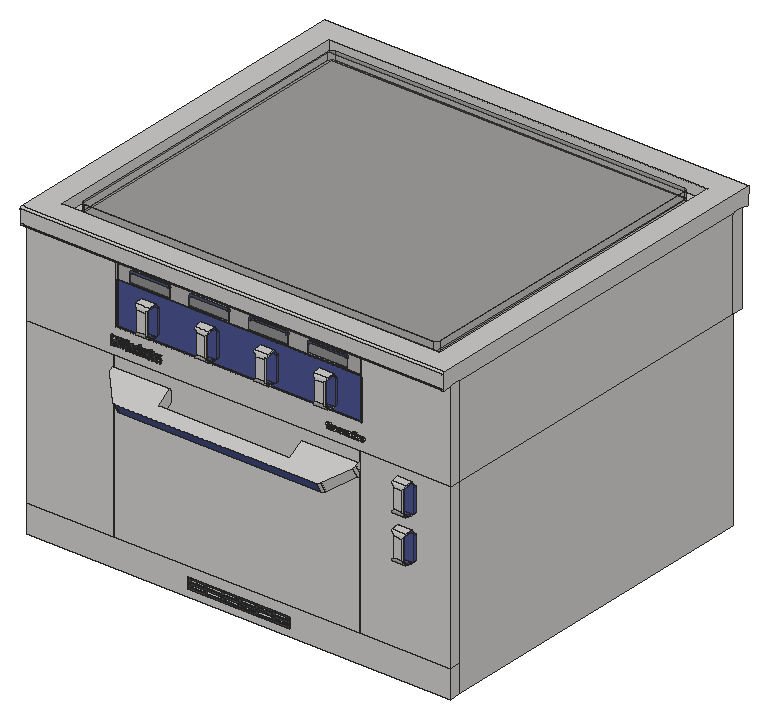
Revit family "QF_ELECTROLUXPROFESSIONAL_589665_MCIMEAJ8AO", category Attrezzature speciali, Revit 2020
Family settings
  Quota connettore circolare = Usa diametro
  Tipo di parte = Normale
  Basato su piano di lavoro = No
  Sempre verticale = Sì
  Taglio con vuoti quando caricato = No
  Condiviso = No
  Punto di calcolo locali = No
Parameters (values of type "Standard")
  Weight = 197.00 kg
  Watts = 25000 W
  Volts = 400 V
  URL Manufacturer = "https://www.electroluxprofessional.com/"
  URL = "https://www.electroluxprofessional.com/"
  Steam Supply Size = 0"
  Steam Supply Minimum Pressure = 0.00 psi
  Steam Supply Maximum Pressure = 0.00 psi
  Steam Consumption per Hour = 0
  Refrigeration Suction Line Size = 0 mm
  Refrigeration Liquid Line Size = 0 mm
  Refrigerant Compressor Remote = yes
  Prospetto di default = 0 mm
  Phase = 3
  Modello = "MCIMEAJ8AO"
  Produttore = "Electrolux Professional"
  Length Actual = 1000 mm  # constant formula
  Item Number = "589665"
  Hot Water Size = 0"
  Height Actual = 700 mm  # constant formula
  HP = "33.5 HP"
  Gas Size = 0"
  Gas KW = 0
  Gas Input Pressure = 0.0 Btu/h
  Direct Waste Size = 0"
  Descrizione = "INDUCTION,4Z,ST.OVEN,1S,1000X900X700H"
  Depth Actual = 900 mm  # constant formula
  Cycle = 50 Hz
  Condensate Return Size = 0"
  Compressed Air Volume = 0 GPM
  Compressed Air Size = 0"
  Compressed Air Pressure = 0.00 psi
  Cold Water Size = 0"
  Accessory = yes
Reference planes
  plane 1 "BACK": y = 0
  plane 2: z = 0
  plane 3 "LEFT": x = -100
  plane 4 "RIGHT": x = 900
  plane 5 "FRONT": y = -900
  plane 6 "TOP": z = 900
  plane 7 "Center (Left/Right)": x = 400
  plane 8: y = -450
  plane 9: z = 200
  plane 10: y = -150
  plane 11 "Panel": y = -855
  plane 12: z = 798
  plane 13: z = 1327
  plane 14: x = -22
  plane 15: x = 822
  plane 16: y = -150
  plane 17: y = -650
  plane 18 "EIx": x = 855
  plane 19 "EIy": y = -685
  plane 20: y = -880
Forms (mm)
  Extrusion 1, solid, material "QF_Finishes_Stainless Steel"
    sketch origin (-178.969, -4572, 200) x (-1, 0, 0) y (0, -1, 0)
      loop
        line (-78.969, -4527) -> (-78.969, -3717) -> (-1078.969, -3717) -> (-1078.969, -4527) -> (-78.969, -4527)
    from 450 to 663
  Extrusion 2, solid, material "QF_Finishes_Stainless Steel"
    sketch origin (-100, 0, 0) x (0, 1, 0) y (0, 0, 1)
      loop
        line (-855, 200) -> (-855, 265) -> (-880, 265) -> (-880, 200) -> (-855, 200)
    from 0 to 1000
  Extrusion 3, solid, material "QF_Finishes_Stainless Steel"
    sketch origin (-488.969, -4662, 200) x (-1, 0, 0) y (0, -1, 0)
      loop
        circle (-1343.969, -3977) r 6.35
    from 0 to -11.851
  Extrusion 4, solid, material "QF_Finishes_Stainless Steel"
    sketch origin (400, 296.4, 1219.2) x (0, 1, 0) y (0, 0, 1)
      loop
        line (-296.4, -319.2) -> (-1191.4, -319.2)
        arc (-1191.4, -319.2) -> (-1194.935, -320.664) -> (-1196.4, -324.2) r 5
        line (-1196.4, -324.2) -> (-1196.4, -355.2)
        arc (-1196.4, -355.2) -> (-1194.971, -358.264) -> (-1191.705, -359.139) r 4
        line (-1191.705, -359.139) -> (-1176.4, -356.231) -> (-316.4, -356.231) -> (-301.094, -359.139)
        arc (-301.094, -359.139) -> (-297.829, -358.264) -> (-296.4, -355.2) r 4
        line (-296.4, -355.2) -> (-296.4, -319.2)
    from -500 to 500
  Extrusion 5, solid, material "QF_Finishes_Electrolux_Black Smoke Iluminated"
    sketch origin (0, 0, 900) x (-1, 0, 0) y (0, -1, 0)
      loop
        arc (12, 79) -> (19.071, 81.929) -> (22, 89) r 10
        line (22, 89) -> (22, 810)
        arc (22, 810) -> (19.071, 817.071) -> (12, 820) r 10
        line (12, 820) -> (-812, 820)
        arc (-812, 820) -> (-819.071, 817.071) -> (-822, 810) r 10
        line (-822, 810) -> (-822, 89)
        arc (-822, 89) -> (-819.071, 81.929) -> (-812, 79) r 10
        line (-812, 79) -> (12, 79)
    from 0 to -20
  Extrusion 6, solid, material "QF_Finishes_Stainless Steel"
    sketch origin (-178.969, -4572, 200) x (-1, 0, 0) y (0, -1, 0)
      loop
        line (-78.969, -4527) -> (-78.969, -3717) -> (-1078.969, -3717) -> (-1078.969, -4527) -> (-78.969, -4527)
    from 450 to 0
  Extrusion 7, void
    sketch origin (0, -855, 0) x (-1, 0, 0) y (0, 0, 1)
      loop
        line (-520, 216.594) -> (-280, 216.594) -> (-280, 241.594) -> (-520, 241.594) -> (-520, 216.594)
    from 0 to -25
  Extrusion 8, solid, material "QF_Finishes_Black"
    sketch origin (0, -855, 0) x (-1, 0, 0) y (0, 0, 1)
      loop
        line (-280, 241.594) -> (-520, 241.594) -> (-520, 216.594) -> (-280, 216.594) -> (-280, 241.594)
      loop
        line (-282, 239.594) -> (-319.131, 239.594) -> (-319.131, 230.094) -> (-282, 230.094) -> (-282, 239.594)
      loop
        line (-282, 218.594) -> (-282, 228.094) -> (-319.131, 228.094) -> (-319.131, 218.594) -> (-282, 218.594)
      loop
        line (-321.131, 239.594) -> (-359.066, 239.594) -> (-359.066, 230.094) -> (-321.131, 230.094) -> (-321.131, 239.594)
      loop
        line (-399, 239.594) -> (-399, 230.094) -> (-361.066, 230.094) -> (-361.066, 239.594) -> (-399, 239.594)
      loop
        line (-401, 239.594) -> (-438.934, 239.594) -> (-438.934, 230.094) -> (-401, 230.094) -> (-401, 239.594)
      loop
        line (-359.066, 218.594) -> (-321.131, 218.594) -> (-321.131, 228.094) -> (-359.066, 228.094) -> (-359.066, 218.594)
      loop
        line (-361.066, 218.594) -> (-361.066, 228.094) -> (-399, 228.094) -> (-399, 218.594) -> (-361.066, 218.594)
      loop
        line (-401, 228.094) -> (-438.934, 228.094) -> (-438.934, 218.594) -> (-401, 218.594) -> (-401, 228.094)
      loop
        line (-518, 239.594) -> (-518, 230.094) -> (-480.869, 230.094) -> (-480.869, 239.594) -> (-518, 239.594)
      loop
        line (-518, 218.594) -> (-480.869, 218.594) -> (-480.869, 228.094) -> (-518, 228.094) -> (-518, 218.594)
      loop
        line (-478.869, 239.594) -> (-478.869, 230.094) -> (-440.934, 230.094) -> (-440.934, 239.594) -> (-478.869, 239.594)
      loop
        line (-440.934, 218.594) -> (-440.934, 228.094) -> (-478.869, 228.094) -> (-478.869, 218.594) -> (-440.934, 218.594)
    from -25.03 to -20
  Extrusion 9, void
    sketch origin (0, 0, 900) x (-1, 0, 0) y (0, -1, 0)
      loop
        line (47, 845) -> (-847, 845) -> (-847, 54) -> (47, 54) -> (47, 845)
    from 0 to -25
  Extrusion 10, solid, material "QF_Finishes_Stainless Steel"
    sketch origin (0, 0, 900) x (-1, 0, 0) y (0, -1, 0)
      loop
        line (18, 83) -> (18, 816) -> (-818, 816) -> (-818, 83) -> (18, 83)
    from -20 to -25
  Extrusion 11, solid, material "QF_Finishes_Stainless Steel"
    sketch origin (400, 296.4, 1219.169) x (0, 1, 0) y (0, 0, 1)
      loop
        line (-341.4, -356.2) -> (-341.4, -569.2) -> (-316.4, -569.2) -> (-316.4, -356.2) -> (-341.4, -356.2)
    from -500 to 500
Cuts and joins
  Extrusion 7 cuts Extrusion 6
  Extrusion 7 cuts Extrusion 2
  Extrusion 9 cuts Extrusion 4
Lines and regions (mm)
  symbolic lines
    curve 1: line (-100, 0, 200) -> (900, 0, 200)
    curve 2: line (-100, -900, 200) -> (-100, 0, 200)
    curve 3: line (900, -900, 200) -> (-100, -900, 200)
    curve 4: line (900, 0, 200) -> (900, -900, 200)
    curve 5: line (812, -79, 200) -> (-12, -79, 200)
    curve 6: line (-22, -89, 200) -> (-22, -810, 200)
    curve 7: line (-12, -820, 200) -> (812, -820, 200)
    curve 8: line (822, -810, 200) -> (822, -89, 200)
    curve 9: arc (-12, -79, 200) -> (-19.071, -81.929, 200) -> (-22, -89, 200) r 10
    curve 10: arc (822, -89, 200) -> (819.071, -81.929, 200) -> (812, -79, 200) r 10
    curve 11: arc (812, -820, 200) -> (819.071, -817.071, 200) -> (822, -810, 200) r 10
    curve 12: arc (-22, -810, 200) -> (-19.071, -817.071, 200) -> (-12, -820, 200) r 10
    curve 13: line (847, -54, 900) -> (-47, -54, 900)
    curve 14: line (-47, -54, 900) -> (-47, -845, 900)
    curve 15: line (847, -845, 900) -> (847, -54, 900)
    curve 16: line (-47, -845, 900) -> (847, -845, 900)
  model lines
    curve 17: line (64.474, -422.012, 900) -> (46.796, -404.335, 900)
    curve 18: line (46.796, -404.335, 900) -> (46.796, -169.335, 900)
    curve 19: line (46.796, -169.335, 900) -> (64.474, -151.657, 900)
    curve 20: line (183.85, -245.603, 900) -> (183.85, -325.603, 900)
    curve 21: line (143.85, -285.603, 900) -> (223.85, -285.603, 900)
    curve 22: line (303.226, -422.012, 900) -> (320.903, -404.335, 900)
    curve 23: line (320.903, -404.335, 900) -> (320.903, -169.335, 900)
    curve 24: line (320.903, -169.335, 900) -> (303.226, -151.657, 900)
    curve 25: line (494.474, -422.012, 900) -> (476.796, -404.335, 900)
    curve 26: line (476.796, -404.335, 900) -> (476.796, -169.335, 900)
    curve 27: line (476.796, -169.335, 900) -> (494.474, -151.657, 900)
    curve 28: line (613.85, -245.603, 900) -> (613.85, -325.603, 900)
    curve 29: line (573.85, -285.603, 900) -> (653.85, -285.603, 900)
    curve 30: line (733.226, -422.012, 900) -> (750.903, -404.335, 900)
    curve 31: line (750.903, -404.335, 900) -> (750.903, -169.335, 900)
    curve 32: line (750.903, -169.335, 900) -> (733.226, -151.657, 900)
    curve 33: line (64.474, -477.988, 900) -> (46.796, -495.665, 900)
    curve 34: line (46.796, -495.665, 900) -> (46.796, -730.665, 900)
    curve 35: line (46.796, -730.665, 900) -> (64.474, -748.343, 900)
    curve 36: line (183.85, -654.397, 900) -> (183.85, -574.397, 900)
    curve 37: line (143.85, -614.397, 900) -> (223.85, -614.397, 900)
    curve 38: line (303.226, -477.988, 900) -> (320.903, -495.665, 900)
    curve 39: line (320.903, -495.665, 900) -> (320.903, -730.665, 900)
    curve 40: line (320.903, -730.665, 900) -> (303.226, -748.343, 900)
    curve 41: line (494.474, -477.988, 900) -> (476.796, -495.665, 900)
    curve 42: line (476.796, -495.665, 900) -> (476.796, -730.665, 900)
    curve 43: line (476.796, -730.665, 900) -> (494.474, -748.343, 900)
    curve 44: line (613.85, -654.397, 900) -> (613.85, -574.397, 900)
    curve 45: line (573.85, -614.397, 900) -> (653.85, -614.397, 900)
    curve 46: line (733.226, -477.988, 900) -> (750.903, -495.665, 900)
    curve 47: line (750.903, -495.665, 900) -> (750.903, -730.665, 900)
    curve 48: line (750.903, -730.665, 900) -> (733.226, -748.343, 900)
    curve 49: line (-7.896, -110.891, 900) -> (13.317, -89.677, 900)
    curve 50: line (13.317, -89.677, 900) -> (786.683, -89.677, 900)
    curve 51: line (807.896, -110.891, 900) -> (786.683, -89.677, 900)
    curve 52: line (-7.896, -789.109, 900) -> (13.317, -810.323, 900)
    curve 53: line (13.317, -810.323, 900) -> (786.683, -810.323, 900)
    curve 54: line (807.896, -789.109, 900) -> (786.683, -810.323, 900)
Dimensions and locks
  plane 3 "LEFT" to plane 4 "RIGHT" = 1000 mm
  plane 5 "FRONT" to plane 1 "BACK" = 900 mm
  plane 3 "LEFT" to plane 7 "Center (Left/Right)" to plane 4 "RIGHT" = 500 mm, 500 mm
  equal spacing: plane 5 "FRONT", plane 8, plane 1 "BACK"
  plane 6 "TOP" to level = 900 mm  (x2)
  plane 9 to level = 200 mm
  plane 1 "BACK" to plane 10 to plane 11 "Panel" = 150 mm, 705 mm  (x2)
  plane 6 "TOP" to plane 9 to level = 700 mm, 200 mm
  plane 1 "BACK" to plane 5 "FRONT" = 900 mm
  plane 1 "BACK" to Extrusion 3 = 685 mm
  plane 12 to plane 9 = 598 mm
  plane 13 to plane 6 "TOP" = 427 mm
  plane 6 "TOP" to plane 12 = 102 mm
  plane 14 to plane 3 "LEFT" = 78 mm
  plane 15 to plane 4 "RIGHT" = 78 mm
  locked: plane 1 "BACK" to plane 16 at 150
  locked: plane 16 to plane 17 at 500
  plane 11 "Panel" to plane 5 "FRONT" = 45 mm
  plane 18 "EIx" to plane 4 "RIGHT" = 45 mm
  plane 19 "EIy" to plane 1 "BACK" = 685 mm
  locked: plane 11 "Panel" to plane 20 at 25
  aligned and locked: level to plane 2
  aligned and locked: Extrusion 2 to plane 4 "RIGHT"
  aligned and locked: cut or joined group of Extrusion 4, Extrusion 9 to plane 3 "LEFT"
  aligned and locked: cut or joined group of Extrusion 4, Extrusion 9 to plane 4 "RIGHT"
  aligned and locked: cut or joined group of Extrusion 6, Extrusion 7 to plane 4 "RIGHT"
  aligned and locked: cut or joined group of Extrusion 6, Extrusion 7 to plane 3 "LEFT"
  aligned and locked: nested 1 to plane 11 "Panel"
  aligned and locked: nested 4 to plane 11 "Panel"
  aligned and locked: Extrusion 1 to plane 11 "Panel"
  aligned and locked: plane 11 "Panel" to cut or joined group of Extrusion 2, Extrusion 7
  aligned and locked: nested 2 to plane 20
  aligned and locked: nested 3 to plane 20
  aligned and locked: Extrusion 11 to plane 4 "RIGHT"
  aligned and locked: Extrusion 1 to plane 3 "LEFT"
  aligned and locked: Extrusion 11 to plane 3 "LEFT"
  aligned and locked: Extrusion 1 to plane 4 "RIGHT"
  aligned and locked: plane 3 "LEFT" to nested 1
Automatic sketch dimensions
  Extrusion 3 sketch curve to plane 18 "EIx" = 0 mm
  Extrusion 3 sketch curve to plane 19 "EIy" = 0 mm
  Extrusion 4 sketch curve to plane 5 "FRONT" = 0 mm
  Extrusion 4 sketch curve to plane 6 "TOP" = 0 mm
  Extrusion 4 sketch curve to plane 20 = 0 mm
  Extrusion 4 sketch curve to plane 1 "BACK" = 0 mm
  Extrusion 4 sketch curve to Extrusion 4 sketch curve = 4 mm
  Extrusion 4 sketch curve to Extrusion 4 sketch curve = 0.695 mm
  Extrusion 4 sketch curve to plane 5 "FRONT" = 5 mm
  plane 1 "BACK" to Extrusion 4 sketch curve = 20 mm
  plane 1 "BACK" to Extrusion 4 sketch curve = 4.695 mm
  plane 1 "BACK" to Extrusion 4 sketch curve = 4 mm
  Extrusion 4 sketch curve to Extrusion 4 sketch curve = 31 mm
  Extrusion 4 sketch curve to Extrusion 4 sketch curve = 36 mm
  Extrusion 4 sketch curve to Extrusion 4 sketch curve = 2.909 mm
  plane 1 "BACK" to Extrusion 11 sketch curve = 45 mm
  plane 1 "BACK" to Extrusion 11 sketch curve = 20 mm
  Extrusion 11 sketch curve to plane 12 = 148.031 mm
  Extrusion 11 sketch curve to plane 6 "TOP" = 37.031 mm
  Extrusion 1 sketch curve to plane 4 "RIGHT" = 0 mm
  Extrusion 1 sketch curve to plane 3 "LEFT" = 0 mm
  Extrusion 1 sketch curve to plane 11 "Panel" = 0 mm
  plane 1 "BACK" to Extrusion 1 sketch curve = 45 mm
  Extrusion 2 sketch curve to plane 9 = 0 mm
  Extrusion 2 sketch curve to plane 20 = 0 mm
  Extrusion 2 sketch curve to plane 11 "Panel" = 0 mm
  plane 9 to Extrusion 2 sketch curve = 65 mm
  plane 1 "BACK" to curve 1 = 0 mm
  curve 1 to plane 4 "RIGHT" = 0 mm
  curve 8 to plane 15 = 0 mm
  curve 6 to plane 14 = 0 mm
  curve 2 to plane 3 "LEFT" = 0 mm
  plane 5 "FRONT" to curve 3 = 0 mm
  plane 15 to curve 5 = 10 mm
  plane 15 to curve 11 = 10 mm
  curve 5 to plane 14 = 10 mm
  curve 12 to curve 12 = 10 mm
  plane 10 to curve 5 = 71 mm
  plane 11 "Panel" to curve 11 = 45 mm
  Extrusion 5 sketch curve to plane 15 = 0 mm
  Extrusion 5 sketch curve to plane 14 = 0 mm
  plane 15 to Extrusion 5 sketch curve = 10 mm  (x2)
  Extrusion 5 sketch curve to Extrusion 5 sketch curve = 10 mm  (x2)
  plane 10 to Extrusion 5 sketch curve = 71 mm
  plane 11 "Panel" to Extrusion 5 sketch curve = 45 mm
  Extrusion 6 sketch curve to plane 4 "RIGHT" = 0 mm
  Extrusion 6 sketch curve to plane 3 "LEFT" = 0 mm
  Extrusion 6 sketch curve to plane 11 "Panel" = 0 mm
  plane 1 "BACK" to Extrusion 6 sketch curve = 45 mm
  plane 9 to Extrusion 7 sketch curve = 41.594 mm
  plane 7 "Center (Left/Right)" to Extrusion 7 sketch curve = 120 mm
  Extrusion 7 sketch curve to plane 7 "Center (Left/Right)" = 120 mm
  plane 9 to Extrusion 7 sketch curve = 16.594 mm
  plane 9 to Extrusion 8 sketch curve = 41.594 mm
  plane 7 "Center (Left/Right)" to Extrusion 8 sketch curve = 120 mm
  Extrusion 8 sketch curve to Extrusion 8 sketch curve = 2 mm  (x16)
  Extrusion 8 sketch curve to Extrusion 8 sketch curve = 0 mm  (x15)
  Extrusion 8 sketch curve to Extrusion 8 sketch curve = 37.131 mm  (x2)
  Extrusion 8 sketch curve to Extrusion 8 sketch curve = 37.934 mm  (x3)
  plane 7 "Center (Left/Right)" to Extrusion 8 sketch curve = 1 mm  (x2)
  Extrusion 8 sketch curve to plane 7 "Center (Left/Right)" = 1 mm  (x2)
  plane 9 to Extrusion 8 sketch curve = 18.594 mm  (x4)
  Extrusion 8 sketch curve to Extrusion 8 sketch curve = 9.5 mm  (x6)
  plane 18 "EIx" to Extrusion 9 sketch curve = 8 mm
  plane 14 to Extrusion 9 sketch curve = 25 mm
  plane 1 "BACK" to Extrusion 9 sketch curve = 54 mm
  plane 11 "Panel" to Extrusion 9 sketch curve = 10 mm
  plane 15 to Extrusion 10 sketch curve = 4 mm
  Extrusion 10 sketch curve to plane 14 = 4 mm
  plane 10 to Extrusion 10 sketch curve = 67 mm
  plane 11 "Panel" to Extrusion 10 sketch curve = 39 mm
  plane 18 "EIx" to curve 15 = 8 mm
  plane 15 to curve 51 = 35.317 mm
  plane 15 to curve 53 = 35.317 mm
  curve 32 to plane 10 = 19.335 mm
  plane 15 to curve 32 = 71.097 mm
  plane 15 to curve 48 = 71.097 mm
  plane 7 "Center (Left/Right)" to curve 26 = 76.796 mm
  plane 7 "Center (Left/Right)" to curve 42 = 76.796 mm
  curve 38 to plane 7 "Center (Left/Right)" = 79.097 mm
  curve 23 to plane 10 = 19.335 mm
  curve 23 to plane 7 "Center (Left/Right)" = 79.097 mm
  curve 35 to plane 14 = 68.796 mm
  curve 17 to plane 14 = 68.796 mm
  curve 50 to plane 14 = 35.317 mm
  curve 53 to plane 14 = 35.317 mm
  plane 14 to curve 14 = 25 mm
  plane 10 to curve 49 = 60.323 mm
  plane 1 "BACK" to curve 15 = 54 mm
  curve 18 to plane 10 = 19.335 mm
  curve 27 to plane 10 = 19.335 mm
  plane 8 to curve 18 = 45.665 mm
  plane 8 to curve 26 = 45.665 mm
  plane 8 to curve 23 = 45.665 mm
  plane 8 to curve 30 = 45.665 mm
  curve 34 to plane 8 = 45.665 mm
  curve 42 to plane 8 = 45.665 mm
  curve 38 to plane 8 = 45.665 mm
  curve 46 to plane 8 = 45.665 mm
  curve 42 to plane 19 "EIy" = 45.665 mm
  curve 39 to plane 19 "EIy" = 45.665 mm
  curve 34 to plane 19 "EIy" = 45.665 mm
  curve 48 to plane 19 "EIy" = 45.665 mm
  plane 11 "Panel" to curve 54 = 44.677 mm
  plane 11 "Panel" to curve 16 = 10 mm
  plane 15 to curve 51 = 14.104 mm
  plane 15 to curve 54 = 14.104 mm
  curve 32 to plane 10 = 1.657 mm
  curve 31 to curve 32 = 17.678 mm
  curve 46 to plane 8 = 27.988 mm
  curve 46 to curve 46 = 17.678 mm
  curve 47 to curve 48 = 17.678 mm  (x2)
  plane 8 to curve 30 = 27.988 mm
  curve 30 to curve 30 = 17.678 mm
  curve 45 to plane 17 = 35.603 mm
  curve 47 to curve 45 = 97.053 mm
  curve 31 to curve 29 = 97.053 mm
  curve 45 to curve 44 = 40 mm
  curve 29 to curve 28 = 40 mm  (x2)
  curve 28 to curve 29 = 40 mm  (x2)
  curve 44 to curve 45 = 40 mm  (x2)
  curve 43 to curve 42 = 17.678 mm
  curve 41 to plane 8 = 27.988 mm
  curve 41 to curve 41 = 17.678 mm
  curve 27 to plane 10 = 1.657 mm
  curve 27 to curve 26 = 17.678 mm
  plane 8 to curve 25 = 27.988 mm
  curve 25 to curve 25 = 17.678 mm
  curve 38 to plane 8 = 27.988 mm
  curve 38 to curve 38 = 17.678 mm
  curve 39 to curve 40 = 17.678 mm  (x2)
  plane 8 to curve 22 = 27.988 mm
  curve 22 to curve 22 = 17.678 mm
  curve 24 to plane 10 = 1.657 mm
  curve 23 to curve 24 = 17.678 mm
  curve 37 to plane 17 = 35.603 mm
  curve 39 to curve 37 = 97.053 mm
  curve 23 to curve 21 = 97.053 mm
  curve 21 to curve 20 = 40 mm  (x2)
  curve 37 to curve 36 = 40 mm
  curve 20 to curve 21 = 40 mm  (x2)
  curve 36 to curve 37 = 40 mm  (x2)
  plane 8 to curve 17 = 27.988 mm
  curve 17 to curve 17 = 17.678 mm
  curve 33 to plane 8 = 27.988 mm
  curve 33 to curve 33 = 17.678 mm
  curve 35 to curve 34 = 17.678 mm
  curve 19 to plane 10 = 1.657 mm
  curve 19 to curve 18 = 17.678 mm
  curve 49 to plane 14 = 14.104 mm
  curve 52 to plane 14 = 14.104 mm
  curve 50 to curve 51 = 21.213 mm
  curve 49 to curve 49 = 21.213 mm
  curve 20 to plane 10 = 95.603 mm
  curve 28 to plane 10 = 95.603 mm
  plane 17 to curve 36 = 4.397 mm
  plane 17 to curve 44 = 4.397 mm
  curve 42 to curve 43 = 17.678 mm
  curve 34 to curve 35 = 17.678 mm
  curve 54 to curve 54 = 21.213 mm
  curve 52 to curve 52 = 21.213 mm
  radius of Extrusion 3 sketch curve = 6.35 mm
Nested families
  nested 1: "Door_Panel_W1000_A" at (400, -855, 0), type "Door_Panel_W1000_A"
  nested 2: "FIT Range Control Handle" at (795, -883.137, -372.751), type "FIT Range Control Handle"
  nested 3: "FIT Range Control Handle" at (795, -883.137, -474.751), type "FIT Range Control Handle"
  nested 4: "Front_Panel_W1000_4 Knobs" at (102.376, -855, 0), type "Front_Panel_W1000_4 Knobs"
Connectors
  electrical at (855, -685, 188.149)
    settings: on Extrusion 3, index 1, voltage 400 V, apparent load 33000 VA, apparent load phase1 0 VA, apparent load phase2 0 VA, apparent load phase3 0 VA, power factor 1, load classification "Other", number of poles 1, system type 30, power factor state 1, is connector primary yes, connector utility no, sub classification motor no, connector description "ELECTRICAL CONNECTION"
Definition of nested family "Door_Panel_W1000_A"
  Parameters
    Default Elevation = 0 mm
  Reference planes
    plane 1 "Center (Front/Back)": y = 0
    plane 2 "Ref. Level": z = 0
    plane 3: x = 500
    plane 4: x = -500
    plane 5 "Center (Left/Right)": x = 0
    plane 6: x = -295
    plane 7: x = 285
    plane 8 "Manopola": through (-6096, -50.059, 612.389) normal (0, -0.515, 0.8572)
    plane 9 "Top": z = 650
    plane 10: z = 265
    plane 11: z = 200
  Forms (mm)
    Extrusion 1, solid
      sketch origin (0, 0, 0) x (0, 1, 0) y (0, 0, 1)
        loop
          line (-25.03, 650) -> (-25.03, 265) -> (0, 265) -> (0, 650) -> (-25.03, 650)
      from 285 to 500
    Extrusion 2, solid
      sketch origin (0, 0, 0) x (0, 1, 0) y (0, 0, 1)
        loop
          line (-25.03, 650) -> (-25.03, 265) -> (0, 265) -> (0, 650) -> (-25.03, 650)
      from -500 to -295
    Extrusion 3, solid
      sketch origin (0, 0, 0) x (0, 1, 0) y (0, 0, 1)
        loop
          line (-25.03, 650) -> (-25.03, 265) -> (0, 265) -> (0, 650) -> (-25.03, 650)
      from -295 to 285
    Extrusion 4, solid
      sketch origin (0, -283.633, 472.044) x (0, 0.857167, 0.515038) y (-1, 0, 0)
        loop
          line (299.12, -285) -> (299.12, 295) -> (290.982, 295)
          arc (290.982, 295) -> (286.677, 294.026) -> (283.211, 291.293) r 10
          line (283.211, 291.293) -> (233.28, 250.86)
          arc (233.28, 250.86) -> (230.548, 247.394) -> (229.574, 243.089) r 10
          line (229.574, 243.089) -> (229.574, -233.089)
          arc (229.574, -233.089) -> (230.548, -237.394) -> (233.28, -240.86) r 10
          line (233.28, -240.86) -> (283.211, -281.293)
          arc (283.211, -281.293) -> (286.677, -284.026) -> (290.982, -285) r 10
          line (290.982, -285) -> (299.12, -285)
      from -27 to 0
    Extrusion 5, void
      sketch origin (0, 0, 0) x (0, 1, 0) y (0, 0, 1)
        loop
          line (-61.514, 605.507) -> (-47.608, 582.363) -> (-25.03, 595.93) -> (-25.03, 627.429) -> (-61.514, 605.507)
      from -160 to 150
    Extrusion 6, solid, detail levels coarse
      sketch origin (0, 0, 0) x (0, 1, 0) y (0, 0, 1)
        loop
          line (-25.03, 265) -> (-25.03, 650)
          arc (-25.03, 650) -> (-297.266, 537.236) -> (-410.03, 265) r 385
          line (-410.03, 265) -> (-25.03, 265)
      from -295 to 285
  Cuts and joins
    Extrusion 5 cuts Extrusion 4
    joined: Extrusion 3, Extrusion 4
  Lines and regions (mm)
    symbolic lines
      curve 1: line (-287.355, -45.043, 0) -> (-250.86, -83.673, 0)
      curve 2: line (-243.089, -86.85, 0) -> (233.089, -86.85, 0)
      curve 3: line (240.86, -83.673, 0) -> (277.355, -45.043, 0)
      curve 4: arc (-243.089, -86.85, 0) -> (-247.318, -86.101, 0) -> (-250.86, -83.673, 0) r 10.165
      curve 5: arc (233.089, -86.85, 0) -> (237.318, -86.101, 0) -> (240.86, -83.673, 0) r 10.165
      curve 6: line (-295, -45.043, 0) -> (-295, -410.03, 0)
      curve 7: line (-295, -410.03, 0) -> (285, -410.03, 0)
      curve 8: line (285, -410.03, 0) -> (285, -45.03, 0)
  Dimensions and locks
    plane 3 to plane 4 = 1000 mm
    plane 4 to plane 3 = 1000 mm
    equal spacing: plane 3, plane 5 "Center (Left/Right)", plane 4
    plane 6 to plane 4 = 205 mm
    plane 3 to plane 7 = 215 mm
    plane 11 to level = 200 mm
    plane 10 to plane 11 = 65 mm
    plane 10 to plane 9 "Top" = 385 mm
    plane 9 "Top" to plane 11 = 450 mm
    aligned and locked: plane 3 to Extrusion 1
    aligned and locked: cut or joined group of Extrusion 3, Extrusion 4, Extrusion 5 to plane 6
    aligned and locked: cut or joined group of Extrusion 3, Extrusion 4, Extrusion 5 to plane 7
    aligned and locked: plane 7 to Extrusion 1
    aligned and locked: plane 6 to Extrusion 2
    aligned and locked: Extrusion 2 to plane 4
    aligned and locked: plane 10 to Extrusion 2
    aligned and locked: plane 10 to cut or joined group of Extrusion 3, Extrusion 4, Extrusion 5
    aligned and locked: plane 10 to Extrusion 1
    aligned and locked: Extrusion 6 to plane 6
    aligned and locked: Extrusion 6 to plane 7
  Automatic sketch dimensions
    Extrusion 5 sketch curve to plane 8 "Manopola" = 0 mm  (x2)
    plane 1 "Center (Front/Back)" to Extrusion 5 sketch curve = 61.514 mm
    Extrusion 5 sketch curve to Extrusion 5 sketch curve = 13.906 mm
    plane 1 "Center (Front/Back)" to Extrusion 5 sketch curve = 25.03 mm
    Extrusion 4 sketch curve to plane 7 = 0 mm
    Extrusion 4 sketch curve to plane 6 = 0 mm
    plane 6 to Extrusion 4 sketch curve = 51.911 mm
    plane 7 to Extrusion 4 sketch curve = 44.14 mm
    Extrusion 4 sketch curve to Extrusion 4 sketch curve = 3.707 mm  (x2)
    plane 6 to Extrusion 4 sketch curve = 44.14 mm
    plane 7 to Extrusion 4 sketch curve = 3.707 mm
    Extrusion 4 sketch curve to Extrusion 4 sketch curve = 49.93 mm  (x2)
    plane 6 to Extrusion 4 sketch curve = 3.707 mm
    Extrusion 4 sketch curve to Extrusion 4 sketch curve = 7.771 mm  (x3)
    Extrusion 4 sketch curve to Extrusion 4 sketch curve = 8.138 mm
    Extrusion 2 sketch curve to plane 1 "Center (Front/Back)" = 0 mm
    Extrusion 3 sketch curve to plane 1 "Center (Front/Back)" = 0 mm
    Extrusion 1 sketch curve to plane 1 "Center (Front/Back)" = 0 mm
    Extrusion 2 sketch curve to plane 9 "Top" = 0 mm
    Extrusion 2 sketch curve to Extrusion 2 sketch curve = 25.03 mm
    Extrusion 3 sketch curve to plane 9 "Top" = 0 mm
    Extrusion 3 sketch curve to Extrusion 3 sketch curve = 25.03 mm
    Extrusion 1 sketch curve to plane 9 "Top" = 0 mm
    plane 1 "Center (Front/Back)" to Extrusion 1 sketch curve = 25.03 mm
    level to Extrusion 1 sketch curve = 265 mm
    level to Extrusion 2 sketch curve = 265 mm
    level to Extrusion 3 sketch curve = 265 mm
    plane 10 to Extrusion 6 sketch curve = 0 mm
    Extrusion 6 sketch curve to plane 9 "Top" = 0 mm
    plane 1 "Center (Front/Back)" to Extrusion 6 sketch curve = 25.03 mm
    curve 7 to plane 7 = 0 mm
    plane 6 to curve 1 = 44.14 mm
    curve 4 to curve 4 = 7.389 mm
    curve 4 to curve 2 = 7.771 mm
    plane 7 to curve 2 = 51.911 mm
    curve 2 to curve 5 = 0.382 mm
    curve 2 to curve 3 = 7.771 mm
    plane 1 "Center (Front/Back)" to curve 6 = 410.03 mm
    plane 1 "Center (Front/Back)" to curve 2 = 86.85 mm
    curve 2 to curve 3 = 3.177 mm
    curve 2 to curve 1 = 3.177 mm
    plane 7 to curve 3 = 7.645 mm
    plane 1 "Center (Front/Back)" to curve 3 = 45.043 mm
    curve 3 to curve 8 = 0.013 mm
    curve 7 to plane 6 = 0 mm
    curve 6 to curve 1 = 7.645 mm
    plane 1 "Center (Front/Back)" to curve 1 = 45.043 mm
    curve 6 to curve 1 = 0 mm
Definition of nested family "FIT Range Control Handle"
  Parameters
    Default Elevation = 0 mm
  Reference planes
    plane 1 "Center (Front/Back)": y = 0
    plane 2: z = 0
    plane 3 "Center (Left/Right)": x = 0
    plane 4: z = 971.092
    plane 5: y = -16.8
  Forms (mm)
    Extrusion 1, solid
      sketch origin (-746.28, 380.497, 208.931) x (-1, 0, 0) y (0, 0, 1)
        loop
          line (-770.101, 786.798) -> (-770.101, 731.649)
          arc (-770.101, 731.649) -> (-769.759, 730.563) -> (-768.855, 729.87) r 1.893
          line (-768.855, 729.87) -> (-763.474, 727.911) -> (-729.81, 727.911) -> (-724.428, 729.87)
          arc (-724.428, 729.87) -> (-723.525, 730.563) -> (-723.183, 731.649) r 1.893
          line (-723.183, 731.649) -> (-723.183, 786.798)
          arc (-723.183, 786.798) -> (-723.529, 787.894) -> (-724.44, 788.593) r 1.91
          line (-724.44, 788.593) -> (-729.683, 790.819) -> (-763.601, 790.819) -> (-768.844, 788.593)
          arc (-768.844, 788.593) -> (-769.755, 787.894) -> (-770.101, 786.798) r 1.91
      from -382.35 to -378.852
    Sweep 2, solid
      path origin (-746.788, 380.496, 208.091) x (0, -1, 0) y (0, 0, 1)
        loop
          line (379.775, 793.281) -> (395.661, 791.048)
          arc (395.661, 791.048) -> (397.781, 787.377) -> (398.517, 783.202) r 12.207
          line (398.517, 783.202) -> (398.517, 737.368)
          arc (398.517, 737.368) -> (397.781, 733.193) -> (395.661, 729.522) r 12.207
          line (395.661, 729.522) -> (379.775, 727.289)
      profile origin (-746.788, -7.222, 1000.256) x (0, -0.139173, 0.990268) y (-1, 0, 0)
        loop
          line (0.782, -763.123) -> (0.782, -730.907) -> (-1.322, -730.907) -> (-1.322, -763.123) -> (0.782, -763.123)
    Sweep 3, solid
      path origin (-746.788, 380.715, 207.832) x (0, -1, 0) y (0, 0, 1)
        loop
          line (380.478, 795.442) -> (397.218, 793.09)
          arc (397.218, 793.09) -> (399.929, 788.473) -> (400.871, 783.202) r 15.207
          line (400.871, 783.202) -> (400.871, 737.584)
          arc (400.871, 737.584) -> (399.914, 732.274) -> (397.164, 727.633) r 15.207
          line (397.164, 727.633) -> (380.601, 725.305)
      profile origin (-746.788, -8.132, 1002.099) x (0, -0.139173, 0.990268) y (-1, 0, 0)
        loop
          line (0.782, -763.123) -> (0.782, -730.907) -> (-1.322, -730.907) -> (-1.322, -763.123) -> (0.782, -763.123)
    Extrusion 4, void
      sketch origin (889.253, 220.666, 207.993) x (1, 0, 0) y (0, 0, 1)
        loop
          line (-943.038, 816.854) -> (-943.038, 703.686) -> (-899.466, 734.196) -> (-899.466, 786.344) -> (-943.038, 816.854)
      from 230.636 to 242.25
    Extrusion 5, void
      sketch origin (-888.8, 220.666, 207.993) x (-1, 0, 0) y (0, 0, -1)
        loop
          line (-943.038, -816.854) -> (-899.466, -786.344) -> (-899.466, -734.196) -> (-943.038, -703.686) -> (-943.038, -816.854)
      from 230.636 to 242.25
    Extrusion 6, solid
      sketch origin (0, 0, 0) x (1, 0, 0) y (0, 0, 1)
        loop
          circle (0, 971.092) r 7.736
      from -3.137 to -1.645
  Cuts and joins
    Extrusion 4, Extrusion 5 cuts Sweep 3
    Extrusion 4, Extrusion 5 cuts Sweep 2
    joined: Extrusion 1, Extrusion 6
  Lines and regions (mm)
    symbolic lines
      curve 1: line (-15.881, -19.189, 0) -> (-15.881, -16.8, 0)
      curve 2: line (16.334, -19.189, 0) -> (16.334, -16.8, 0)
      curve 3: spline (-15.881, -19.189, 0) -> (-15.417, -19.349, 0) -> (-14.951, -19.501, 0) -> (-14.483, -19.646, 0) -> (-14.014, -19.783, 0) -> (-13.543, -19.912, 0) -> (-13.071, -20.033, 0) -> (-12.597, -20.146, 0) -> (-12.122, -20.251, 0) -> (-11.646, -20.349, 0) -> (-11.169, -20.438, 0) -> (-10.691, -20.52, 0) -> (-10.213, -20.593, 0)
      curve 4: spline (10.666, -20.593, 0) -> (11.144, -20.52, 0) -> (11.622, -20.438, 0) -> (12.099, -20.349, 0) -> (12.575, -20.251, 0) -> (13.05, -20.146, 0) -> (13.524, -20.033, 0) -> (13.996, -19.912, 0) -> (14.467, -19.783, 0) -> (14.936, -19.646, 0) -> (15.404, -19.501, 0) -> (15.87, -19.349, 0) -> (16.334, -19.189, 0)
      curve 5: line (-10.213, -20.938, 0) -> (10.716, -20.938, 0)
  Dimensions and locks
    cut or joined group of Sweep 3, Extrusion 4, Extrusion 5 to cut or joined group of Sweep 3, Extrusion 4, Extrusion 5 = 71.686 mm
Definition of nested family "Front_Panel_W1000_4 Knobs"
  Parameters
    Default Elevation = 0 mm
  Reference planes
    plane 1 "Center (Front/Back)": y = 0
    plane 2: z = 0
    plane 3 "Center (Left/Right)": x = 297.624
    plane 4 "Left": x = -202.376
    plane 5 "Right": x = 797.624
    plane 6: y = -45
    plane 7: x = 87.624
    plane 8: x = 227.624
    plane 9: y = -310
    plane 10: y = -25
    plane 11: x = -2.376
    plane 12: x = 367.624
    plane 13: x = 507.624
    plane 14: x = 594.715
  Forms (mm)
    Extrusion 1, solid
      sketch origin (833.217, 829.203, -1.25) x (0, 1, 0) y (0, 0, 1)
        loop
          line (-854.203, 651.25) -> (-829.203, 651.25) -> (-829.203, 864.25) -> (-854.203, 864.25) -> (-854.203, 651.25)
      from -1035.593 to -35.593
    Extrusion 2, void
      sketch origin (0, 0, 0) x (1, 0, 0) y (0, 0, 1)
        loop
          line (7.624, 853.866) -> (7.624, 711.866) -> (587.624, 711.866) -> (587.624, 853.866) -> (7.624, 853.866)
      from 19.387 to 33.951
  Cuts and joins
    Extrusion 2 cuts Extrusion 1
  Lines and regions (mm)
    symbolic lines
      curve 1: line (131.124, -45, 0) -> (131.124, -310, 0)
      curve 2: line (131.124, -310, 0) -> (464.124, -310, 0)
      curve 3: line (235.966, -310, 0) -> (240.646, -334.075, 0)
      curve 4: line (240.646, -334.075, 0) -> (354.603, -334.075, 0)
      curve 5: line (354.603, -334.075, 0) -> (359.283, -310, 0)
      curve 6: line (464.124, -310, 0) -> (464.124, -45, 0)
      curve 7: line (131.124, -300, 0) -> (464.124, -300, 0)
      curve 8: line (240.874, -309.046, 0) -> (244.767, -329.075, 0)
      curve 9: line (244.767, -329.075, 0) -> (350.481, -329.075, 0)
      curve 10: line (350.481, -329.075, 0) -> (354.375, -309.046, 0)
  Dimensions and locks
    equal spacing: plane 5 "Right", plane 3 "Center (Left/Right)", plane 4 "Left"
    plane 5 "Right" to plane 4 "Left" = 1000 mm
    plane 3 "Center (Left/Right)" to plane 7 = 210 mm
    plane 3 "Center (Left/Right)" to plane 8 = 70 mm
    plane 6 to plane 9 = 265 mm
    plane 13 to plane 3 "Center (Left/Right)" = 210 mm
    plane 12 to plane 3 "Center (Left/Right)" = 70 mm
    aligned and locked: cut or joined group of Extrusion 1, Extrusion 2 to plane 4 "Left"
    aligned and locked: plane 5 "Right" to cut or joined group of Extrusion 1, Extrusion 2
    aligned and locked: plane 3 "Center (Left/Right)" to nested 2
    aligned and locked: cut or joined group of Extrusion 1, Extrusion 2 to nested 2
  Automatic sketch dimensions
    Extrusion 1 sketch curve to plane 1 "Center (Front/Back)" = 0 mm
    level to Extrusion 1 sketch curve = 650 mm
    plane 4 "Left" to Extrusion 2 sketch curve = 210 mm
    Extrusion 2 sketch curve to plane 5 "Right" = 210 mm
    level to Extrusion 2 sketch curve = 711.866 mm
    Extrusion 2 sketch curve to Extrusion 2 sketch curve = 142 mm
    plane 6 to curve 1 = 0 mm
    plane 6 to curve 6 = 0 mm
    plane 9 to curve 1 = 0 mm
    plane 7 to curve 1 = 43.5 mm
    curve 4 to plane 9 = 24.075 mm
    plane 8 to curve 4 = 13.021 mm
    curve 3 to curve 8 = 4.122 mm
    plane 3 "Center (Left/Right)" to curve 4 = 56.979 mm
    curve 4 to curve 2 = 109.521 mm
    plane 8 to curve 3 = 8.342 mm
    curve 3 to curve 8 = 4.908 mm
    curve 9 to curve 4 = 4.122 mm
    curve 10 to plane 9 = 19.075 mm
    curve 9 to curve 5 = 8.801 mm
    plane 9 to curve 10 = 0.954 mm
    curve 10 to curve 5 = 4.908 mm
    curve 3 to curve 8 = 0.954 mm
    curve 1 to curve 7 = 10 mm
    Extrusion 1 sketch curve to plane 6 = 20 mm
    Extrusion 1 sketch curve to Extrusion 1 sketch curve = 213 mm
  Nested families
    nested 1: "Range Control Handle" at (87.624, -28.137, -209.113) x (-1, 0, 0) z (0, 0, 1), type "Range Control Handle"
    nested 2: "Front glass control panel W1000" at (297.624, 280.644, 2.752), type "Front glass control panel W1000"
    nested 3: "Range Control Handle" at (227.624, -28.137, -209.113) x (-1, 0, 0) z (0, 0, 1), type "Range Control Handle"
    nested 4: "Range Control Handle" at (367.624, -28.137, -209.113), type "Range Control Handle"
    nested 5: "Range Control Handle" at (507.624, -28.137, -209.113), type "Range Control Handle"
    nested 6: "ELX_ThermaLine_Small" at (546.122, -25, 679.426) x (1, 0, 0) z (0, -1, 0), type "ELX_ThermaLine_Small"
      with Show Logo yes, Material_Logo none
    nested 7: "ELX_Professional_Logo_Small" at (57.11, -25, 681.659) x (1, 0, 0) z (0, -1, 0), type "ELX_Professional_Logo_Small"
      with Show Logo yes, Material_Logo none
  Definition of nested family "Range Control Handle"
    Parameters
      Default Elevation = 0 mm
    Reference planes
      plane 1 "Center (Front/Back)": y = 0
      plane 2: z = 0
      plane 3 "Center (Left/Right)": x = 0
      plane 4: z = 971.092
      plane 5: y = -16.9
    Forms (mm)
      Extrusion 1, solid
        sketch origin (-746.28, 380.497, 208.931) x (-1, 0, 0) y (0, 0, 1)
          loop
            line (-770.101, 786.798) -> (-770.101, 731.649)
            arc (-770.101, 731.649) -> (-769.759, 730.563) -> (-768.855, 729.87) r 1.893
            line (-768.855, 729.87) -> (-763.474, 727.911) -> (-729.81, 727.911) -> (-724.428, 729.87)
            arc (-724.428, 729.87) -> (-723.525, 730.563) -> (-723.183, 731.649) r 1.893
            line (-723.183, 731.649) -> (-723.183, 786.798)
            arc (-723.183, 786.798) -> (-723.529, 787.894) -> (-724.44, 788.593) r 1.91
            line (-724.44, 788.593) -> (-729.683, 790.819) -> (-763.601, 790.819) -> (-768.844, 788.593)
            arc (-768.844, 788.593) -> (-769.755, 787.894) -> (-770.101, 786.798) r 1.91
        from -382.35 to -378.852
      Sweep 2, solid
        path origin (-746.788, 380.496, 208.091) x (0, -1, 0) y (0, 0, 1)
          loop
            line (379.775, 793.281) -> (395.661, 791.048)
            arc (395.661, 791.048) -> (397.781, 787.377) -> (398.517, 783.202) r 12.207
            line (398.517, 783.202) -> (398.517, 737.368)
            arc (398.517, 737.368) -> (397.781, 733.193) -> (395.661, 729.522) r 12.207
            line (395.661, 729.522) -> (379.775, 727.289)
        profile origin (-746.788, -7.222, 1000.256) x (0, -0.139173, 0.990268) y (-1, 0, 0)
          loop
            line (0.782, -763.123) -> (0.782, -730.907) -> (-1.322, -730.907) -> (-1.322, -763.123) -> (0.782, -763.123)
      Sweep 3, solid
        path origin (-746.788, 380.715, 207.832) x (0, -1, 0) y (0, 0, 1)
          loop
            line (380.478, 795.442) -> (397.218, 793.09)
            arc (397.218, 793.09) -> (399.929, 788.473) -> (400.871, 783.202) r 15.207
            line (400.871, 783.202) -> (400.871, 737.584)
            arc (400.871, 737.584) -> (399.914, 732.274) -> (397.164, 727.633) r 15.207
            line (397.164, 727.633) -> (380.601, 725.305)
        profile origin (-746.788, -8.132, 1002.099) x (0, -0.139173, 0.990268) y (-1, 0, 0)
          loop
            line (0.782, -763.123) -> (0.782, -730.907) -> (-1.322, -730.907) -> (-1.322, -763.123) -> (0.782, -763.123)
      Extrusion 4, void
        sketch origin (889.253, 220.666, 207.993) x (1, 0, 0) y (0, 0, 1)
          loop
            line (-943.038, 816.854) -> (-943.038, 703.686) -> (-899.466, 734.196) -> (-899.466, 786.344) -> (-943.038, 816.854)
        from 230.636 to 242.25
      Extrusion 5, void
        sketch origin (-888.8, 220.666, 207.993) x (-1, 0, 0) y (0, 0, -1)
          loop
            line (-943.038, -816.854) -> (-899.466, -786.344) -> (-899.466, -734.196) -> (-943.038, -703.686) -> (-943.038, -816.854)
        from 230.636 to 242.25
      Extrusion 6, solid
        sketch origin (0, 0, 0) x (1, 0, 0) y (0, 0, 1)
          loop
            circle (0, 971.092) r 7.736
        from -3.137 to -1.645
    Cuts and joins
      Extrusion 4, Extrusion 5 cuts Sweep 3
      Extrusion 4, Extrusion 5 cuts Sweep 2
      joined: Extrusion 1, Extrusion 6
    Lines and regions (mm)
      symbolic lines
        curve 1: line (16.334, -16.9, 0) -> (16.334, -19.227, 0)
        curve 2: spline (16.334, -19.227, 0) -> (15.87, -19.385, 0) -> (15.404, -19.536, 0) -> (14.936, -19.678, 0) -> (14.466, -19.813, 0) -> (13.995, -19.94, 0) -> (13.523, -20.059, 0) -> (13.049, -20.171, 0) -> (12.575, -20.274, 0) -> (12.099, -20.37, 0) -> (11.622, -20.458, 0) -> (11.144, -20.537, 0) -> (10.666, -20.609, 0)
        curve 3: line (10.666, -16.9, 0) -> (10.666, -20.938, 0)
        curve 4: line (-10.213, -20.938, 0) -> (10.666, -20.938, 0)
        curve 5: line (-10.213, -20.938, 0) -> (-10.213, -16.9, 0)
        curve 6: spline (-10.213, -20.609, 0) -> (-10.691, -20.537, 0) -> (-11.169, -20.458, 0) -> (-11.646, -20.37, 0) -> (-12.122, -20.274, 0) -> (-12.597, -20.171, 0) -> (-13.07, -20.059, 0) -> (-13.542, -19.94, 0) -> (-14.013, -19.813, 0) -> (-14.483, -19.678, 0) -> (-14.951, -19.536, 0) -> (-15.417, -19.385, 0) -> (-15.881, -19.227, 0)
        curve 7: line (-15.881, -19.227, 0) -> (-15.881, -16.9, 0)
  Definition of nested family "Front glass control panel W1000"
    Parameters
      Default Elevation = 0 mm
    Reference planes
      plane 1 "Center (Front/Back)": y = 0
      plane 2: z = 0
      plane 3 "Center (Left/Right)": x = 0
    Forms (mm)
      Extrusion 1, solid
        sketch origin (378.286, 0, 0.617) x (1, 0, 0) y (0, 0, 1)
          loop
            line (-668.286, 806.791) -> (-668.286, 708.497) -> (-88.286, 708.497) -> (-88.286, 806.791) -> (-668.286, 806.791)
        from 300.031 to 304.8
      Extrusion 2, solid
        sketch origin (378.286, 0, 0.617) x (1, 0, 0) y (0, 0, 1)
          loop
            line (-668.286, 850.497) -> (-668.286, 806.791) -> (-88.286, 806.791) -> (-88.286, 850.497) -> (-668.286, 850.497)
        from 300.031 to 304.8
      Extrusion 3, void
        sketch origin (378.286, 0, 0.617) x (1, 0, 0) y (0, 0, 1)
          loop
            line (-665.628, 847.565) -> (-665.628, 710.699) -> (-91.196, 710.699) -> (-91.196, 847.565) -> (-665.628, 847.565)
        from 303.697 to 304.8
      Extrusion 4, solid
        sketch origin (-378.333, 1.101, -0.633) x (-1, 0, 0) y (0, 0, -1)
          loop
            line (-261.431, -812.62) -> (-355.186, -812.62) -> (-355.186, -834.177) -> (-350.269, -834.177) -> (-348.469, -835.977) -> (-268.039, -835.977) -> (-266.24, -834.177) -> (-261.431, -834.177) -> (-261.431, -812.62)
        from 304.798 to 306.745
      Extrusion 5, solid
        sketch origin (-378.333, 1.101, -0.633) x (-1, 0, 0) y (0, 0, -1)
          loop
            line (-350.269, -834.177) -> (-355.078, -834.177)
            arc (-355.078, -834.177) -> (-353.942, -838.747) -> (-349.686, -840.763) r 5.5
            line (-349.686, -840.763) -> (-266.98, -840.763)
            arc (-266.98, -840.763) -> (-262.706, -838.752) -> (-261.529, -834.177) r 5.549
            line (-261.529, -834.177) -> (-266.24, -834.177) -> (-268.039, -835.977) -> (-348.469, -835.977) -> (-350.269, -834.177)
        from 304.798 to 306.745
      Extrusion 6, solid
        sketch origin (-518.333, 1.101, -0.633) x (-1, 0, 0) y (0, 0, -1)
          loop
            line (-261.431, -812.62) -> (-355.186, -812.62) -> (-355.186, -834.177) -> (-350.269, -834.177) -> (-348.469, -835.977) -> (-268.039, -835.977) -> (-266.24, -834.177) -> (-261.431, -834.177) -> (-261.431, -812.62)
        from 304.798 to 306.745
      Extrusion 7, solid
        sketch origin (-518.333, 1.101, -0.633) x (-1, 0, 0) y (0, 0, -1)
          loop
            line (-350.269, -834.177) -> (-355.078, -834.177)
            arc (-355.078, -834.177) -> (-353.942, -838.747) -> (-349.686, -840.763) r 5.5
            line (-349.686, -840.763) -> (-266.98, -840.763)
            arc (-266.98, -840.763) -> (-262.706, -838.752) -> (-261.529, -834.177) r 5.549
            line (-261.529, -834.177) -> (-266.24, -834.177) -> (-268.039, -835.977) -> (-348.469, -835.977) -> (-350.269, -834.177)
        from 304.798 to 306.745
      Extrusion 8, solid
        sketch origin (378.333, 1.101, -0.633) x (1, 0, 0) y (0, 0, 1)
          loop
            line (-261.431, 812.62) -> (-261.431, 834.177) -> (-266.24, 834.177) -> (-268.039, 835.977) -> (-348.469, 835.977) -> (-350.269, 834.177) -> (-355.186, 834.177) -> (-355.186, 812.62) -> (-261.431, 812.62)
        from 304.798 to 306.745
      Extrusion 9, solid
        sketch origin (378.333, 1.101, -0.633) x (1, 0, 0) y (0, 0, 1)
          loop
            line (-350.269, 834.177) -> (-348.469, 835.977) -> (-268.039, 835.977) -> (-266.24, 834.177) -> (-261.529, 834.177)
            arc (-261.529, 834.177) -> (-262.706, 838.752) -> (-266.98, 840.763) r 5.549
            line (-266.98, 840.763) -> (-349.686, 840.763)
            arc (-349.686, 840.763) -> (-353.942, 838.747) -> (-355.078, 834.177) r 5.5
            line (-355.078, 834.177) -> (-350.269, 834.177)
        from 304.798 to 306.745
      Extrusion 10, solid
        sketch origin (518.333, 1.101, -0.633) x (1, 0, 0) y (0, 0, 1)
          loop
            line (-261.431, 812.62) -> (-261.431, 834.177) -> (-266.24, 834.177) -> (-268.039, 835.977) -> (-348.469, 835.977) -> (-350.269, 834.177) -> (-355.186, 834.177) -> (-355.186, 812.62) -> (-261.431, 812.62)
        from 304.798 to 306.745
      Extrusion 11, solid
        sketch origin (518.333, 1.101, -0.633) x (1, 0, 0) y (0, 0, 1)
          loop
            line (-350.269, 834.177) -> (-348.469, 835.977) -> (-268.039, 835.977) -> (-266.24, 834.177) -> (-261.529, 834.177)
            arc (-261.529, 834.177) -> (-262.706, 838.752) -> (-266.98, 840.763) r 5.549
            line (-266.98, 840.763) -> (-349.686, 840.763)
            arc (-349.686, 840.763) -> (-353.942, 838.747) -> (-355.078, 834.177) r 5.5
            line (-355.078, 834.177) -> (-350.269, 834.177)
        from 304.798 to 306.745
    Cuts and joins
      Extrusion 3 cuts Extrusion 1
      Extrusion 3 cuts Extrusion 2
    Dimensions and locks
      aligned and locked: Extrusion 1 to Extrusion 2
      aligned and locked: Extrusion 5 sketch curve to Extrusion 4  (x5)
      aligned and locked: Extrusion 5 to Extrusion 4
      aligned and locked: Extrusion 7 sketch curve to Extrusion 6  (x5)
      aligned and locked: Extrusion 7 to Extrusion 6
      aligned and locked: Extrusion 9 sketch curve to Extrusion 8  (x4)
      aligned and locked: Extrusion 8 to Extrusion 9 sketch curve
      aligned and locked: Extrusion 9 to Extrusion 8
      aligned and locked: Extrusion 11 sketch curve to Extrusion 10  (x4)
      aligned and locked: Extrusion 10 to Extrusion 11 sketch curve
      aligned and locked: Extrusion 11 to Extrusion 10
  Definition of nested family "ELX_ThermaLine_Small"
    Parameters
      Show Logo [instance] = yes
      Material_Logo [instance] = none
      Default Elevation = 0 mm
    Reference planes
      plane 1 "Centro (Fronte/Retro)": y = 0
      plane 2: z = 0
      plane 3 "Centro (Sinistra/Destra)": x = 0
    Forms (mm)
      Extrusion 1, solid
        sketch origin (0, 0, 0) x (1, 0, 0) y (0, 1, 0)
          loop
            line (-1219.2, 1219.2) -> (-1219.2, -1219.2) -> (1219.2, -1219.2) -> (1219.2, 1219.2) -> (-1219.2, 1219.2)
        from 0 to -304.8
      Extrusion 2, solid
        sketch origin (0, 0, 0) x (1, 0, 0) y (0, 1, 0)
          loop
            line (-37.494, 1.229) -> (-35.908, 1.229) -> (-35.908, 3.066) -> (-37.494, 3.066) -> (-37.494, 6.221) -> (-39.867, 4.881) -> (-39.867, 3.066) -> (-40.969, 3.066) -> (-40.969, 1.229) -> (-39.867, 1.229) -> (-39.867, -3.407)
            arc (-39.867, -3.407) -> (-38.982, -5.513) -> (-36.751, -6.001) r 2.478
            line (-36.751, -6.001) -> (-35.638, -5.7) -> (-35.9, -3.835) -> (-36.661, -4.039)
            arc (-36.661, -4.039) -> (-37.236, -3.924) -> (-37.494, -3.399) r 0.662
            line (-37.494, -3.399) -> (-37.494, 1.229)
          loop
            line (-34.242, 6.539) -> (-34.242, -5.848) -> (-31.854, -5.848) -> (-31.854, -0.078)
            arc (-31.854, -0.078) -> (-30.939, 1.249) -> (-29.33, 1.367) r 1.866
            arc (-29.33, 1.367) -> (-28.695, 0.768) -> (-28.461, -0.073) r 1.627
            line (-28.461, -0.073) -> (-28.461, -5.848) -> (-26.086, -5.848) -> (-26.064, -0.46)
            arc (-26.064, -0.46) -> (-26.261, 0.932) -> (-26.786, 2.237) r 5.825
            arc (-26.786, 2.237) -> (-29.381, 3.264) -> (-31.854, 1.971) r 3.353
            line (-31.854, 1.971) -> (-31.854, 6.539) -> (-34.242, 6.539)
          loop
            arc (-18.398, -0.598) -> (-18.893, 0.879) -> (-20.326, 1.487) r 1.897
            arc (-20.326, 1.487) -> (-21.461, 0.708) -> (-21.897, -0.598) r 2.164
            line (-21.897, -0.598) -> (-18.398, -0.598)
          loop
            arc (-16.021, -2.044) -> (-16.754, 1.227) -> (-19.444, 3.226) r 4.814
            arc (-19.444, 3.226) -> (-22.137, 2.788) -> (-23.943, 0.743) r 4.054
            arc (-23.943, 0.743) -> (-24.382, -1.249) -> (-24.162, -3.276) r 6.289
            arc (-24.162, -3.276) -> (-23.302, -4.71) -> (-21.958, -5.705) r 4.28
            arc (-21.958, -5.705) -> (-18.558, -5.814) -> (-16.152, -3.409) r 4.28
            line (-16.152, -3.409) -> (-18.5, -2.995)
            arc (-18.5, -2.995) -> (-19.273, -3.994) -> (-20.533, -4.076) r 1.536
            arc (-20.533, -4.076) -> (-21.56, -3.281) -> (-21.958, -2.044) r 2.197
            line (-21.958, -2.044) -> (-16.021, -2.044)
          loop
            line (-14.165, -5.848) -> (-11.819, -5.848) -> (-11.819, -2.138)
            arc (-11.819, -2.138) -> (-11.787, -1.156) -> (-11.637, -0.185) r 8.18
            arc (-11.637, -0.185) -> (-10.644, 0.972) -> (-9.132, 0.776) r 1.603
            line (-9.132, 0.776) -> (-8.419, 2.846)
            arc (-8.419, 2.846) -> (-10.432, 3.118) -> (-11.994, 1.821) r 2.527
            line (-11.994, 1.821) -> (-11.994, 3.094) -> (-14.165, 3.094) -> (-14.165, -5.848)
          loop
            line (-7.579, 3.094) -> (-7.579, -5.848) -> (-5.178, -5.848) -> (-5.178, -0.756)
            arc (-5.178, -0.756) -> (-4.727, 0.679) -> (-3.417, 1.419) r 2.05
            arc (-3.417, 1.419) -> (-2.499, 0.908) -> (-2.155, -0.085) r 1.471
            line (-2.155, -0.085) -> (-2.155, -5.848) -> (0.23, -5.848) -> (0.23, -1.001)
            arc (0.23, -1.001) -> (0.47, 0.127) -> (1.148, 1.061) r 2.775
            arc (1.148, 1.061) -> (2.225, 1.329) -> (3.05, 0.587) r 1.182
            arc (3.05, 0.587) -> (3.199, -0.019) -> (3.214, -0.642) r 2.894
            line (3.214, -0.642) -> (3.214, -5.848) -> (5.601, -5.848) -> (5.601, 0.261)
            arc (5.601, 0.261) -> (4.87, 2.263) -> (2.976, 3.241) r 2.932
            arc (2.976, 3.241) -> (1.284, 2.973) -> (-0.047, 1.896) r 3.309
            arc (-0.047, 1.896) -> (-1.116, 2.865) -> (-2.506, 3.258) r 3.16
            arc (-2.506, 3.258) -> (-4.105, 2.942) -> (-5.376, 1.92) r 3.419
            line (-5.376, 1.92) -> (-5.376, 3.094) -> (-7.579, 3.094)
          loop
            line (7.583, 0.738) -> (9.702, 0.364)
            arc (9.702, 0.364) -> (11.441, 1.492) -> (12.855, -0.023) r 1.613
            line (12.855, -0.023) -> (9.782, -0.789)
            arc (9.782, -0.789) -> (8.559, -1.346) -> (7.617, -2.305) r 3.687
            arc (7.617, -2.305) -> (7.499, -3.681) -> (7.901, -5.003) r 3.651
            arc (7.901, -5.003) -> (9.107, -5.766) -> (10.515, -6.006) r 3.635
            arc (10.515, -6.006) -> (11.898, -5.697) -> (13.067, -4.895) r 3.734
            line (13.067, -4.895) -> (13.376, -5.848) -> (15.75, -5.848) -> (15.212, -4.193) -> (15.212, 0.38)
            arc (15.212, 0.38) -> (14.897, 1.849) -> (13.818, 2.895) r 2.585
            arc (13.818, 2.895) -> (11.792, 3.442) -> (9.719, 3.11) r 5.005
            arc (9.719, 3.11) -> (8.369, 2.178) -> (7.583, 0.738) r 3.54
          loop
            line (19.723, -5.848) -> (22.233, -5.848) -> (24.854, 6.484) -> (22.345, 6.484) -> (19.723, -5.848)
          loop
            line (24.583, -5.848) -> (26.953, -5.848) -> (28.848, 3.066) -> (26.478, 3.066) -> (24.583, -5.848)
          loop
            line (27.204, 6.484) -> (26.741, 4.305) -> (29.111, 4.305) -> (29.575, 6.484) -> (27.204, 6.484)
          loop
            line (29.355, -5.848) -> (31.849, -5.848) -> (33.098, 0.028)
            arc (33.098, 0.028) -> (34.169, 1.306) -> (35.832, 1.422) r 2.132
            arc (35.832, 1.422) -> (36.324, 0.752) -> (36.383, -0.078) r 1.5
            line (36.383, -0.078) -> (35.157, -5.848) -> (37.536, -5.848) -> (38.936, 0.738)
            arc (38.936, 0.738) -> (38.775, 2.091) -> (37.825, 3.066) r 2.118
            arc (37.825, 3.066) -> (35.392, 3.175) -> (33.295, 1.937) r 4.271
            line (33.295, 1.937) -> (33.535, 3.066) -> (31.25, 3.066) -> (29.355, -5.848)
          loop
            line (42.792, -0.64) -> (46.589, -0.64)
            arc (46.589, -0.64) -> (46.639, 0.124) -> (46.327, 0.823) r 1.589
            arc (46.327, 0.823) -> (45.117, 1.521) -> (43.762, 1.183) r 1.865
            arc (43.762, 1.183) -> (43.141, 0.344) -> (42.792, -0.64) r 3.538
          loop
            line (42.565, -2.138) -> (48.593, -2.138)
            arc (48.593, -2.138) -> (48.58, 0.597) -> (46.983, 2.818) r 4.494
            arc (46.983, 2.818) -> (44.191, 3.28) -> (41.725, 1.891) r 4.26
            arc (41.725, 1.891) -> (40.503, -0.3) -> (40.284, -2.799) r 6.003
            arc (40.284, -2.799) -> (40.959, -4.468) -> (42.377, -5.576) r 3.482
            arc (42.377, -5.576) -> (44.265, -5.961) -> (46.152, -5.576) r 4.823
            arc (46.152, -5.576) -> (47.432, -4.731) -> (48.328, -3.485) r 4.245
            line (48.328, -3.485) -> (46.168, -3.105)
            arc (46.168, -3.105) -> (45.214, -4.072) -> (43.859, -4.181) r 1.953
            arc (43.859, -4.181) -> (42.821, -3.408) -> (42.565, -2.138) r 1.81
          loop
            line (12.868, -1.553) -> (10.216, -2.214)
            arc (10.216, -2.214) -> (9.747, -3.136) -> (10.216, -4.058) r 1.14
            arc (10.216, -4.058) -> (11.537, -4.249) -> (12.614, -3.46) r 1.763
            arc (12.614, -3.46) -> (12.858, -2.522) -> (12.868, -1.553) r 3.97
        from 0 to 1.6
    Dimensions and locks
      aligned and locked: plane 2 to Extrusion 1
      aligned and locked: level to Extrusion 1
  Definition of nested family "ELX_Professional_Logo_Small"
    Parameters
      Show Logo [instance] = yes
      Material_Logo [instance] = none
      Default Elevation = 0 mm
    Reference planes
      plane 1 "Centro (Fronte/Retro)": y = 0
      plane 2: z = 0
      plane 3 "Centro (Sinistra/Destra)": x = 0
    Forms (mm)
      Extrusion 1, solid
        sketch origin (0, 0, 0) x (1, 0, 0) y (0, 1, 0)
          loop
            line (-1219.2, 1219.2) -> (-1219.2, -1219.2) -> (1219.2, -1219.2) -> (1219.2, 1219.2) -> (-1219.2, 1219.2)
        from 0 to -304.8
      Extrusion 2, solid, material <- "Material_Logo"
        sketch origin (15.5, 0, 0) x (1, 0, 0) y (0, 1, 0)
          loop
            spline (-42.99, -1.24) -> (-43.195, -1.231) -> (-43.415, -1.203) -> (-43.642, -1.152) -> (-43.87, -1.074) -> (-44.095, -0.966) -> (-44.309, -0.825) -> (-44.506, -0.647) -> (-44.681, -0.429) -> (-44.828, -0.167) -> (-44.94, 0.142) -> (-45.011, 0.501) -> (-45.037, 0.915)
            line (-45.037, 0.915) -> (-45.037, 2.748) -> (-38.984, 2.748) -> (-38.984, 5.086) -> (-45.038, 5.086) -> (-45.038, 8.489) -> (-38.599, 8.489) -> (-38.599, 10.82) -> (-47.515, 10.82) -> (-47.515, 1.021)
            spline (-47.515, 1.021) -> (-47.493, 0.418) -> (-47.425, -0.15) -> (-47.311, -0.682) -> (-47.15, -1.175) -> (-46.939, -1.628) -> (-46.678, -2.038) -> (-46.365, -2.404) -> (-46, -2.723) -> (-45.58, -2.995) -> (-45.105, -3.216) -> (-44.573, -3.385) -> (-43.983, -3.499)
            line (-43.983, -3.499) -> (-43.01, -3.569) -> (-38.426, -3.569) -> (-38.426, -1.24) -> (-42.99, -1.24)
          loop
            line (-36.666, 4.021) -> (-36.666, -3.573) -> (-34.188, -3.573) -> (-34.188, 10.824) -> (-36.666, 10.824) -> (-36.666, 4.021)
          loop
            spline (-21.915, 1.897) -> (-21.957, 2.615) -> (-22.082, 3.303) -> (-22.285, 3.955) -> (-22.563, 4.564) -> (-22.913, 5.124) -> (-23.331, 5.629) -> (-23.814, 6.074) -> (-24.359, 6.451) -> (-24.961, 6.755) -> (-25.618, 6.98) -> (-26.326, 7.119) -> (-27.081, 7.167)
            spline (-27.081, 7.167) -> (-27.853, 7.122) -> (-28.586, 6.99) -> (-29.275, 6.774) -> (-29.915, 6.478) -> (-30.5, 6.104) -> (-31.024, 5.657) -> (-31.483, 5.138) -> (-31.871, 4.553) -> (-32.182, 3.904) -> (-32.411, 3.194) -> (-32.552, 2.427) -> (-32.6, 1.606)
